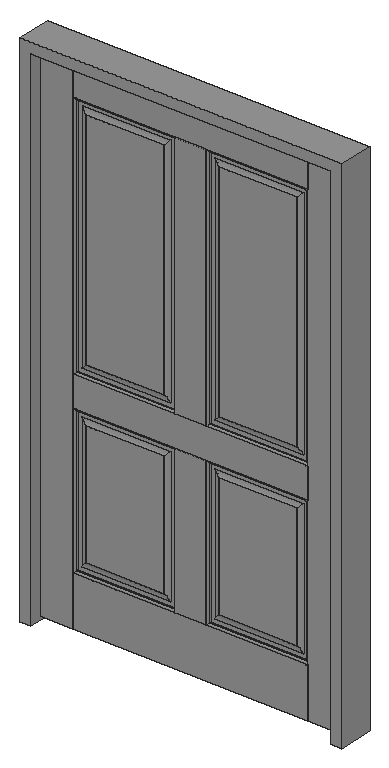
Revit family "V1200MER4PCARVE9", category Doors, host Wall, Revit 2015 (continued)
Automatic sketch dimensions
  Sweep 4 sketch curve to Sweep 4 sketch curve = 0 mm
  Sweep 4 sketch curve to Sweep 4 sketch curve = 22.773 mm
  Sweep 4 sketch curve to profile plane = 12.944 mm
  profile plane to Sweep 4 sketch curve = 31.5 mm
  Sweep 4 sketch curve to Sweep 4 sketch curve = 20 mm
  Sweep 4 sketch curve to Sweep 4 sketch curve = 6 mm
  plane 2 "Center (Left/Right)" to Sweep 5 sketch curve = 61 mm
  plane 4 "Right" to Sweep 5 sketch curve = 173 mm
  level to Sweep 5 sketch curve = 217 mm
  Sweep 5 sketch curve to Sweep 5 sketch curve = 588 mm
  profile plane to Sweep 5 sketch curve = 4.5 mm
  Sweep 5 sketch curve to profile plane = 24.613 mm  (x2)
  Sweep 5 sketch curve to profile plane = 25.727 mm
  Sweep 5 sketch curve to Sweep 5 sketch curve = 0 mm
  Sweep 5 sketch curve to Sweep 5 sketch curve = 22.773 mm
  Sweep 5 sketch curve to profile plane = 12.944 mm
  profile plane to Sweep 5 sketch curve = 31.5 mm
  Sweep 5 sketch curve to Sweep 5 sketch curve = 20 mm
  Sweep 5 sketch curve to Sweep 5 sketch curve = 6 mm
  plane 2 "Center (Left/Right)" to Extrusion 6 sketch curve = 109.5 mm
  plane 4 "Right" to Extrusion 6 sketch curve = 221.5 mm
  level to Extrusion 6 sketch curve = 265.5 mm
  Extrusion 6 sketch curve to Extrusion 6 sketch curve = 491 mm
  plane 2 "Center (Left/Right)" to Extrusion 7 sketch curve = 109.5 mm
  plane 4 "Right" to Extrusion 7 sketch curve = 221.5 mm
  level to Extrusion 7 sketch curve = 975.5 mm
  plane 5 to Extrusion 7 sketch curve = 221.5 mm
  Sweep 8 sketch curve to plane 3 "Left" = 173 mm
  Sweep 8 sketch curve to plane 2 "Center (Left/Right)" = 61 mm
  level to Sweep 8 sketch curve = 927 mm
  plane 5 to Sweep 8 sketch curve = 173 mm
  profile plane to Sweep 8 sketch curve = 4.5 mm
  Sweep 8 sketch curve to profile plane = 24.613 mm  (x2)
  Sweep 8 sketch curve to profile plane = 25.727 mm
  Sweep 8 sketch curve to Sweep 8 sketch curve = 0 mm
  Sweep 8 sketch curve to Sweep 8 sketch curve = 22.773 mm
  Sweep 8 sketch curve to profile plane = 12.944 mm
  profile plane to Sweep 8 sketch curve = 31.5 mm
  Sweep 8 sketch curve to Sweep 8 sketch curve = 20 mm
  Sweep 8 sketch curve to Sweep 8 sketch curve = 6 mm
  Sweep 9 sketch curve to plane 3 "Left" = 173 mm
  Sweep 9 sketch curve to plane 2 "Center (Left/Right)" = 61 mm
  level to Sweep 9 sketch curve = 217 mm
  Sweep 9 sketch curve to Sweep 9 sketch curve = 588 mm
  profile plane to Sweep 9 sketch curve = 4.5 mm
  Sweep 9 sketch curve to profile plane = 24.613 mm  (x2)
  Sweep 9 sketch curve to profile plane = 25.727 mm
  Sweep 9 sketch curve to Sweep 9 sketch curve = 0 mm
  Sweep 9 sketch curve to Sweep 9 sketch curve = 22.773 mm
  Sweep 9 sketch curve to profile plane = 12.944 mm
  profile plane to Sweep 9 sketch curve = 31.5 mm
  Sweep 9 sketch curve to Sweep 9 sketch curve = 20 mm
  Sweep 9 sketch curve to Sweep 9 sketch curve = 6 mm
  Extrusion 10 sketch curve to plane 3 "Left" = 221.5 mm
  Extrusion 10 sketch curve to plane 2 "Center (Left/Right)" = 109.5 mm
  level to Extrusion 10 sketch curve = 265.5 mm
  Extrusion 10 sketch curve to Extrusion 10 sketch curve = 491 mm
  Extrusion 11 sketch curve to plane 3 "Left" = 221.5 mm
  Extrusion 11 sketch curve to plane 2 "Center (Left/Right)" = 109.5 mm
  level to Extrusion 11 sketch curve = 975.5 mm
  plane 5 to Extrusion 11 sketch curve = 221.5 mm
  Extrusion 12 sketch curve to host wall = 10 mm  (x2)
  Extrusion 12 sketch curve to plane 2 "Center (Left/Right)" = 70 mm
  host wall to Extrusion 12 sketch curve = 14.5 mm
  Extrusion 12 sketch curve to Extrusion 12 sketch curve = 0 mm
  Extrusion 12 sketch curve to Extrusion 12 sketch curve = 2 mm  (x6)
  Extrusion 12 sketch curve to Extrusion 12 sketch curve = 6.527 mm  (x4)
  Extrusion 12 sketch curve to Extrusion 12 sketch curve = 0.473 mm  (x4)
  Extrusion 12 sketch curve to Extrusion 12 sketch curve = 6.473 mm
  plane 2 "Center (Left/Right)" to Extrusion 12 sketch curve = 55 mm
  Extrusion 12 sketch curve to Extrusion 12 sketch curve = 6 mm  (x4)
  host wall to Extrusion 12 sketch curve = 20.5 mm
  Extrusion 12 sketch curve to Extrusion 12 sketch curve = 4.5 mm  (x4)
  Extrusion 12 sketch curve to Extrusion 12 sketch curve = 3.968 mm  (x2)
  Extrusion 13 sketch curve to host wall = 10 mm  (x2)
  Extrusion 13 sketch curve to plane 2 "Center (Left/Right)" = 70 mm
  host wall to Extrusion 13 sketch curve = 14.5 mm
  Extrusion 13 sketch curve to Extrusion 13 sketch curve = 0 mm
  Extrusion 13 sketch curve to Extrusion 13 sketch curve = 2 mm  (x6)
  Extrusion 13 sketch curve to Extrusion 13 sketch curve = 6.527 mm  (x4)
  Extrusion 13 sketch curve to Extrusion 13 sketch curve = 0.473 mm  (x4)
  Extrusion 13 sketch curve to Extrusion 13 sketch curve = 6.473 mm
  plane 2 "Center (Left/Right)" to Extrusion 13 sketch curve = 55 mm
  Extrusion 13 sketch curve to Extrusion 13 sketch curve = 6 mm  (x4)
  host wall to Extrusion 13 sketch curve = 20.5 mm
  Extrusion 13 sketch curve to Extrusion 13 sketch curve = 4.5 mm  (x4)
  Extrusion 13 sketch curve to Extrusion 13 sketch curve = 3.968 mm  (x2)
  plane 2 "Center (Left/Right)" to Sweep 14 sketch curve = 139.5 mm
  Sweep 14 sketch curve to Sweep 14 sketch curve = 251 mm
  level to Sweep 14 sketch curve = 1005.5 mm
  plane 5 to Sweep 14 sketch curve = 251.5 mm
  Sweep 14 sketch curve to profile plane = 0 mm
  profile plane to Sweep 14 sketch curve = 4 mm
  Sweep 14 sketch curve to profile plane = 4 mm
  plane 6 "Exterior" to Sweep 14 sketch curve = 59 mm
  Sweep 14 sketch curve to Sweep 14 sketch curve = 3.5 mm
  plane 2 "Center (Left/Right)" to Sweep 15 sketch curve = 302.508 mm
  Sweep 15 sketch curve to Sweep 15 sketch curve = 47.402 mm
  plane 5 to Sweep 15 sketch curve = 1043.91 mm
  Sweep 15 sketch curve to Sweep 15 sketch curve = 47.403 mm
  profile plane to Sweep 15 sketch curve = 4 mm
  profile plane to Sweep 15 sketch curve = 0 mm
  Sweep 15 sketch curve to profile plane = 4 mm
  plane 6 "Exterior" to Sweep 15 sketch curve = 59 mm
  Sweep 15 sketch curve to Sweep 15 sketch curve = 3.5 mm
  plane 4 "Right" to Sweep 16 sketch curve = 282.09 mm
  Sweep 16 sketch curve to Sweep 16 sketch curve = 15.295 mm  (x6)
  level to Sweep 16 sketch curve = 1027.866 mm
  Sweep 16 sketch curve to Sweep 16 sketch curve = 53.26 mm
  Sweep 16 sketch curve to Sweep 16 sketch curve = 0 mm
  Sweep 16 sketch curve to profile plane = 4 mm
  plane 6 "Exterior" to Sweep 16 sketch curve = 59 mm
  Sweep 16 sketch curve to profile plane = 0 mm
  Sweep 16 sketch curve to Sweep 16 sketch curve = 3.5 mm
  profile plane to Sweep 16 sketch curve = 4 mm
  plane 2 "Center (Left/Right)" to Sweep 17 sketch curve = 284.284 mm
  Sweep 17 sketch curve to Sweep 17 sketch curve = 15.295 mm  (x6)
  Sweep 17 sketch curve to Sweep 17 sketch curve = 53.26 mm
  Sweep 17 sketch curve to Sweep 17 sketch curve = 0 mm
  plane 5 to Sweep 17 sketch curve = 986.508 mm
  profile plane to Sweep 17 sketch curve = 4 mm
  Sweep 17 sketch curve to profile plane = 0 mm
  Sweep 17 sketch curve to profile plane = 4 mm
  plane 6 "Exterior" to Sweep 17 sketch curve = 59 mm
  Sweep 17 sketch curve to Sweep 17 sketch curve = 3.5 mm
  Sweep 18 sketch curve to plane 2 "Center (Left/Right)" = 284.284 mm
  Sweep 18 sketch curve to Sweep 18 sketch curve = 15.295 mm  (x6)
  Sweep 18 sketch curve to Sweep 18 sketch curve = 53.26 mm
  Sweep 18 sketch curve to Sweep 18 sketch curve = 0 mm
  Sweep 18 sketch curve to level = 1036.09 mm
  profile plane to Sweep 18 sketch curve = 4 mm
  profile plane to Sweep 18 sketch curve = 0 mm
  Sweep 18 sketch curve to profile plane = 4 mm
  plane 6 "Exterior" to Sweep 18 sketch curve = 59 mm
  Sweep 18 sketch curve to Sweep 18 sketch curve = 3.5 mm
  Sweep 19 sketch curve to plane 2 "Center (Left/Right)" = 292.508 mm
  Sweep 19 sketch curve to Sweep 19 sketch curve = 15.295 mm  (x6)
  Sweep 19 sketch curve to level = 1027.866 mm
  Sweep 19 sketch curve to Sweep 19 sketch curve = 53.26 mm
  Sweep 19 sketch curve to Sweep 19 sketch curve = 0 mm
  profile plane to Sweep 19 sketch curve = 4 mm
  plane 6 "Exterior" to Sweep 19 sketch curve = 59 mm
  profile plane to Sweep 19 sketch curve = 0 mm
  Sweep 19 sketch curve to Sweep 19 sketch curve = 3.5 mm
  Sweep 19 sketch curve to profile plane = 4 mm
  Sweep 20 sketch curve to plane 2 "Center (Left/Right)" = 251.918 mm
  Sweep 20 sketch curve to Sweep 20 sketch curve = 47.402 mm
  Sweep 20 sketch curve to plane 5 = 1043.91 mm
  Sweep 20 sketch curve to Sweep 20 sketch curve = 47.403 mm
  profile plane to Sweep 20 sketch curve = 4 mm
  Sweep 20 sketch curve to profile plane = 0 mm
  Sweep 20 sketch curve to profile plane = 4 mm
  plane 6 "Exterior" to Sweep 20 sketch curve = 59 mm
  Sweep 20 sketch curve to Sweep 20 sketch curve = 3.5 mm
  plane 2 "Center (Left/Right)" to Sweep 21 sketch curve = 163.925 mm
  Sweep 21 sketch curve to Sweep 21 sketch curve = 15.295 mm  (x6)
  level to Sweep 21 sketch curve = 1027.866 mm
  Sweep 21 sketch curve to Sweep 21 sketch curve = 53.26 mm
  Sweep 21 sketch curve to Sweep 21 sketch curve = 0 mm
  Sweep 21 sketch curve to profile plane = 4 mm
  plane 6 "Exterior" to Sweep 21 sketch curve = 59 mm
  Sweep 21 sketch curve to profile plane = 0 mm
  Sweep 21 sketch curve to Sweep 21 sketch curve = 3.5 mm
  profile plane to Sweep 21 sketch curve = 4 mm
  plane 2 "Center (Left/Right)" to Sweep 22 sketch curve = 139.5 mm
  Sweep 22 sketch curve to Sweep 22 sketch curve = 14.425 mm
  plane 5 to Sweep 22 sketch curve = 1043.91 mm
  Sweep 22 sketch curve to Sweep 22 sketch curve = 47.403 mm
  profile plane to Sweep 22 sketch curve = 4 mm
  profile plane to Sweep 22 sketch curve = 0 mm
  Sweep 22 sketch curve to profile plane = 4 mm
  plane 6 "Exterior" to Sweep 22 sketch curve = 59 mm
  Sweep 22 sketch curve to Sweep 22 sketch curve = 3.5 mm
  plane 2 "Center (Left/Right)" to Sweep 23 sketch curve = 270.142 mm
  Sweep 23 sketch curve to Sweep 23 sketch curve = 15.295 mm  (x6)
  Sweep 23 sketch curve to Sweep 23 sketch curve = 53.26 mm
  Sweep 23 sketch curve to Sweep 23 sketch curve = 0 mm
  level to Sweep 23 sketch curve = 1036.09 mm
  profile plane to Sweep 23 sketch curve = 4 mm
  Sweep 23 sketch curve to profile plane = 0 mm
  Sweep 23 sketch curve to profile plane = 4 mm
  plane 6 "Exterior" to Sweep 23 sketch curve = 59 mm
  Sweep 23 sketch curve to Sweep 23 sketch curve = 3.5 mm
  Sweep 24 sketch curve to plane 2 "Center (Left/Right)" = 139.5 mm
  Sweep 24 sketch curve to Sweep 24 sketch curve = 17.354 mm  (x2)
  Sweep 24 sketch curve to Sweep 24 sketch curve = 15.295 mm  (x3)
  Sweep 24 sketch curve to level = 1036.09 mm
  profile plane to Sweep 24 sketch curve = 4 mm
  profile plane to Sweep 24 sketch curve = 0 mm
  Sweep 24 sketch curve to profile plane = 4 mm
  plane 6 "Exterior" to Sweep 24 sketch curve = 59 mm
  Sweep 24 sketch curve to Sweep 24 sketch curve = 3.5 mm
  Sweep 25 sketch curve to plane 2 "Center (Left/Right)" = 302.508 mm
  Sweep 25 sketch curve to Sweep 25 sketch curve = 47.402 mm
  Sweep 25 sketch curve to plane 5 = 898.515 mm
  Sweep 25 sketch curve to Sweep 25 sketch curve = 47.403 mm
  profile plane to Sweep 25 sketch curve = 4 mm
  Sweep 25 sketch curve to profile plane = 0 mm
  Sweep 25 sketch curve to profile plane = 4 mm
  plane 6 "Exterior" to Sweep 25 sketch curve = 59 mm
  Sweep 25 sketch curve to Sweep 25 sketch curve = 3.5 mm
  Sweep 26 sketch curve to plane 2 "Center (Left/Right)" = 204.515 mm
  Sweep 26 sketch curve to Sweep 26 sketch curve = 47.402 mm
  Sweep 26 sketch curve to plane 5 = 898.515 mm
  Sweep 26 sketch curve to Sweep 26 sketch curve = 47.403 mm
  profile plane to Sweep 26 sketch curve = 4 mm
  Sweep 26 sketch curve to profile plane = 0 mm
  Sweep 26 sketch curve to profile plane = 4 mm
  plane 6 "Exterior" to Sweep 26 sketch curve = 59 mm
  Sweep 26 sketch curve to Sweep 26 sketch curve = 3.5 mm
  plane 2 "Center (Left/Right)" to Sweep 27 sketch curve = 139.5 mm
  Sweep 27 sketch curve to Sweep 27 sketch curve = 14.425 mm
  plane 5 to Sweep 27 sketch curve = 945.918 mm
  Sweep 27 sketch curve to Sweep 27 sketch curve = 47.403 mm
  profile plane to Sweep 27 sketch curve = 4 mm
  profile plane to Sweep 27 sketch curve = 0 mm
  Sweep 27 sketch curve to profile plane = 4 mm
  plane 6 "Exterior" to Sweep 27 sketch curve = 59 mm
  Sweep 27 sketch curve to Sweep 27 sketch curve = 3.5 mm
  plane 2 "Center (Left/Right)" to Sweep 28 sketch curve = 139.5 mm
  Sweep 28 sketch curve to Sweep 28 sketch curve = 17.354 mm  (x2)
  Sweep 28 sketch curve to Sweep 28 sketch curve = 15.295 mm  (x3)
  plane 5 to Sweep 28 sketch curve = 986.508 mm
  profile plane to Sweep 28 sketch curve = 4 mm
  Sweep 28 sketch curve to profile plane = 0 mm
  Sweep 28 sketch curve to profile plane = 4 mm
  plane 6 "Exterior" to Sweep 28 sketch curve = 59 mm
  Sweep 28 sketch curve to Sweep 28 sketch curve = 3.5 mm
  Sweep 29 sketch curve to plane 4 "Right" = 282.09 mm
  Sweep 29 sketch curve to Sweep 29 sketch curve = 15.295 mm  (x6)
  Sweep 29 sketch curve to plane 5 = 880.291 mm
  Sweep 29 sketch curve to Sweep 29 sketch curve = 53.26 mm
  Sweep 29 sketch curve to Sweep 29 sketch curve = 0 mm
  profile plane to Sweep 29 sketch curve = 4 mm
  profile plane to Sweep 29 sketch curve = 0 mm
  Sweep 29 sketch curve to profile plane = 4 mm
  plane 6 "Exterior" to Sweep 29 sketch curve = 59 mm
  Sweep 29 sketch curve to Sweep 29 sketch curve = 3.5 mm
  plane 2 "Center (Left/Right)" to Sweep 30 sketch curve = 284.284 mm
  Sweep 30 sketch curve to Sweep 30 sketch curve = 15.295 mm  (x6)
  Sweep 30 sketch curve to Sweep 30 sketch curve = 53.26 mm
  Sweep 30 sketch curve to Sweep 30 sketch curve = 0 mm
  plane 5 to Sweep 30 sketch curve = 888.515 mm
  profile plane to Sweep 30 sketch curve = 4 mm
  Sweep 30 sketch curve to profile plane = 0 mm
  Sweep 30 sketch curve to profile plane = 4 mm
  plane 6 "Exterior" to Sweep 30 sketch curve = 59 mm
  Sweep 30 sketch curve to Sweep 30 sketch curve = 3.5 mm
  plane 2 "Center (Left/Right)" to Sweep 31 sketch curve = 292.508 mm
  Sweep 31 sketch curve to Sweep 31 sketch curve = 15.295 mm  (x6)
  plane 5 to Sweep 31 sketch curve = 880.291 mm
  Sweep 31 sketch curve to Sweep 31 sketch curve = 53.26 mm
  Sweep 31 sketch curve to Sweep 31 sketch curve = 0 mm
  profile plane to Sweep 31 sketch curve = 4 mm
  Sweep 31 sketch curve to profile plane = 0 mm
  Sweep 31 sketch curve to profile plane = 4 mm
  plane 6 "Exterior" to Sweep 31 sketch curve = 59 mm
  Sweep 31 sketch curve to Sweep 31 sketch curve = 3.5 mm
  Sweep 32 sketch curve to plane 2 "Center (Left/Right)" = 163.925 mm
  Sweep 32 sketch curve to Sweep 32 sketch curve = 15.295 mm  (x6)
  Sweep 32 sketch curve to plane 5 = 880.291 mm
  Sweep 32 sketch curve to Sweep 32 sketch curve = 53.26 mm
  Sweep 32 sketch curve to Sweep 32 sketch curve = 0 mm
  profile plane to Sweep 32 sketch curve = 4 mm
  profile plane to Sweep 32 sketch curve = 0 mm
  Sweep 32 sketch curve to profile plane = 4 mm
  plane 6 "Exterior" to Sweep 32 sketch curve = 59 mm
  Sweep 32 sketch curve to Sweep 32 sketch curve = 3.5 mm
  Sweep 33 sketch curve to plane 2 "Center (Left/Right)" = 270.142 mm
  Sweep 33 sketch curve to Sweep 33 sketch curve = 15.295 mm  (x6)
  Sweep 33 sketch curve to Sweep 33 sketch curve = 53.26 mm
  Sweep 33 sketch curve to Sweep 33 sketch curve = 0 mm
  Sweep 33 sketch curve to plane 5 = 888.515 mm
  profile plane to Sweep 33 sketch curve = 4 mm
  profile plane to Sweep 33 sketch curve = 0 mm
  Sweep 33 sketch curve to profile plane = 4 mm
  plane 6 "Exterior" to Sweep 33 sketch curve = 59 mm
  Sweep 33 sketch curve to Sweep 33 sketch curve = 3.5 mm
  plane 2 "Center (Left/Right)" to Sweep 34 sketch curve = 139.5 mm
  Sweep 34 sketch curve to Sweep 34 sketch curve = 17.354 mm  (x2)
  Sweep 34 sketch curve to Sweep 34 sketch curve = 15.295 mm  (x3)
  plane 5 to Sweep 34 sketch curve = 888.515 mm
  profile plane to Sweep 34 sketch curve = 4 mm
  Sweep 34 sketch curve to profile plane = 0 mm
  Sweep 34 sketch curve to profile plane = 4 mm
  plane 6 "Exterior" to Sweep 34 sketch curve = 59 mm
  Sweep 34 sketch curve to Sweep 34 sketch curve = 3.5 mm
  plane 2 "Center (Left/Right)" to Sweep 35 sketch curve = 270.142 mm
  Sweep 35 sketch curve to Sweep 35 sketch curve = 15.295 mm  (x6)
  Sweep 35 sketch curve to Sweep 35 sketch curve = 53.26 mm
  Sweep 35 sketch curve to Sweep 35 sketch curve = 0 mm
  plane 5 to Sweep 35 sketch curve = 955.918 mm
  profile plane to Sweep 35 sketch curve = 4 mm
  Sweep 35 sketch curve to profile plane = 0 mm
  Sweep 35 sketch curve to profile plane = 4 mm
  plane 6 "Exterior" to Sweep 35 sketch curve = 59 mm
  Sweep 35 sketch curve to Sweep 35 sketch curve = 3.5 mm
  plane 2 "Center (Left/Right)" to Sweep 36 sketch curve = 302.508 mm
  Sweep 36 sketch curve to Sweep 36 sketch curve = 47.402 mm
  plane 5 to Sweep 36 sketch curve = 847.925 mm
  Sweep 36 sketch curve to Sweep 36 sketch curve = 47.403 mm
  profile plane to Sweep 36 sketch curve = 4 mm
  profile plane to Sweep 36 sketch curve = 0 mm
  Sweep 36 sketch curve to profile plane = 4 mm
  plane 6 "Exterior" to Sweep 36 sketch curve = 59 mm
  Sweep 36 sketch curve to Sweep 36 sketch curve = 3.5 mm
  plane 4 "Right" to Sweep 37 sketch curve = 282.09 mm
  Sweep 37 sketch curve to Sweep 37 sketch curve = 15.295 mm  (x6)
  plane 5 to Sweep 37 sketch curve = 866.149 mm
  Sweep 37 sketch curve to Sweep 37 sketch curve = 53.26 mm
  Sweep 37 sketch curve to Sweep 37 sketch curve = 0 mm
  Sweep 37 sketch curve to profile plane = 4 mm
  plane 6 "Exterior" to Sweep 37 sketch curve = 59 mm
  Sweep 37 sketch curve to profile plane = 0 mm
  Sweep 37 sketch curve to Sweep 37 sketch curve = 3.5 mm
  profile plane to Sweep 37 sketch curve = 4 mm
  plane 2 "Center (Left/Right)" to Sweep 38 sketch curve = 284.284 mm
  Sweep 38 sketch curve to Sweep 38 sketch curve = 15.295 mm  (x6)
  Sweep 38 sketch curve to Sweep 38 sketch curve = 53.26 mm
  Sweep 38 sketch curve to Sweep 38 sketch curve = 0 mm
  plane 5 to Sweep 38 sketch curve = 790.523 mm
  profile plane to Sweep 38 sketch curve = 4 mm
  Sweep 38 sketch curve to profile plane = 0 mm
  Sweep 38 sketch curve to profile plane = 4 mm
  plane 6 "Exterior" to Sweep 38 sketch curve = 59 mm
  Sweep 38 sketch curve to Sweep 38 sketch curve = 3.5 mm
  Sweep 39 sketch curve to plane 2 "Center (Left/Right)" = 292.508 mm
  Sweep 39 sketch curve to Sweep 39 sketch curve = 15.295 mm  (x6)
  Sweep 39 sketch curve to plane 5 = 866.149 mm
  Sweep 39 sketch curve to Sweep 39 sketch curve = 53.26 mm
  Sweep 39 sketch curve to Sweep 39 sketch curve = 0 mm
  profile plane to Sweep 39 sketch curve = 4 mm
  plane 6 "Exterior" to Sweep 39 sketch curve = 59 mm
  profile plane to Sweep 39 sketch curve = 0 mm
  Sweep 39 sketch curve to Sweep 39 sketch curve = 3.5 mm
  Sweep 39 sketch curve to profile plane = 4 mm
  Sweep 40 sketch curve to plane 2 "Center (Left/Right)" = 251.918 mm
  Sweep 40 sketch curve to Sweep 40 sketch curve = 47.402 mm
  Sweep 40 sketch curve to plane 5 = 847.925 mm
  Sweep 40 sketch curve to Sweep 40 sketch curve = 47.403 mm
  profile plane to Sweep 40 sketch curve = 4 mm
  Sweep 40 sketch curve to profile plane = 0 mm
  Sweep 40 sketch curve to profile plane = 4 mm
  plane 6 "Exterior" to Sweep 40 sketch curve = 59 mm
  Sweep 40 sketch curve to Sweep 40 sketch curve = 3.5 mm
  plane 2 "Center (Left/Right)" to Sweep 41 sketch curve = 163.925 mm
  Sweep 41 sketch curve to Sweep 41 sketch curve = 15.295 mm  (x6)
  plane 5 to Sweep 41 sketch curve = 866.149 mm
  Sweep 41 sketch curve to Sweep 41 sketch curve = 53.26 mm
  Sweep 41 sketch curve to Sweep 41 sketch curve = 0 mm
  Sweep 41 sketch curve to profile plane = 4 mm
  plane 6 "Exterior" to Sweep 41 sketch curve = 59 mm
  Sweep 41 sketch curve to profile plane = 0 mm
  Sweep 41 sketch curve to Sweep 41 sketch curve = 3.5 mm
  profile plane to Sweep 41 sketch curve = 4 mm
  plane 2 "Center (Left/Right)" to Sweep 42 sketch curve = 139.5 mm
  Sweep 42 sketch curve to Sweep 42 sketch curve = 14.425 mm
  plane 5 to Sweep 42 sketch curve = 847.925 mm
  Sweep 42 sketch curve to Sweep 42 sketch curve = 47.403 mm
  profile plane to Sweep 42 sketch curve = 4 mm
  profile plane to Sweep 42 sketch curve = 0 mm
  Sweep 42 sketch curve to profile plane = 4 mm
  plane 6 "Exterior" to Sweep 42 sketch curve = 59 mm
  Sweep 42 sketch curve to Sweep 42 sketch curve = 3.5 mm
  Sweep 43 sketch curve to plane 2 "Center (Left/Right)" = 302.508 mm
  Sweep 43 sketch curve to Sweep 43 sketch curve = 47.402 mm
  Sweep 43 sketch curve to plane 5 = 702.53 mm
  Sweep 43 sketch curve to Sweep 43 sketch curve = 47.403 mm
  profile plane to Sweep 43 sketch curve = 4 mm
  Sweep 43 sketch curve to profile plane = 0 mm
  Sweep 43 sketch curve to profile plane = 4 mm
  plane 6 "Exterior" to Sweep 43 sketch curve = 59 mm
  Sweep 43 sketch curve to Sweep 43 sketch curve = 3.5 mm
  Sweep 44 sketch curve to plane 2 "Center (Left/Right)" = 204.515 mm
  Sweep 44 sketch curve to Sweep 44 sketch curve = 47.402 mm
  Sweep 44 sketch curve to plane 5 = 702.53 mm
  Sweep 44 sketch curve to Sweep 44 sketch curve = 47.403 mm
  profile plane to Sweep 44 sketch curve = 4 mm
  Sweep 44 sketch curve to profile plane = 0 mm
  Sweep 44 sketch curve to profile plane = 4 mm
  plane 6 "Exterior" to Sweep 44 sketch curve = 59 mm
  Sweep 44 sketch curve to Sweep 44 sketch curve = 3.5 mm
  plane 2 "Center (Left/Right)" to Sweep 45 sketch curve = 139.5 mm
  Sweep 45 sketch curve to Sweep 45 sketch curve = 14.425 mm
  plane 5 to Sweep 45 sketch curve = 749.933 mm
  Sweep 45 sketch curve to Sweep 45 sketch curve = 47.403 mm
  profile plane to Sweep 45 sketch curve = 4 mm
  profile plane to Sweep 45 sketch curve = 0 mm
  Sweep 45 sketch curve to profile plane = 4 mm
  plane 6 "Exterior" to Sweep 45 sketch curve = 59 mm
  Sweep 45 sketch curve to Sweep 45 sketch curve = 3.5 mm
  plane 2 "Center (Left/Right)" to Sweep 46 sketch curve = 139.5 mm
  Sweep 46 sketch curve to Sweep 46 sketch curve = 17.354 mm  (x2)
  Sweep 46 sketch curve to Sweep 46 sketch curve = 15.295 mm  (x3)
  plane 5 to Sweep 46 sketch curve = 790.523 mm
  profile plane to Sweep 46 sketch curve = 4 mm
  Sweep 46 sketch curve to profile plane = 0 mm
  Sweep 46 sketch curve to profile plane = 4 mm
  plane 6 "Exterior" to Sweep 46 sketch curve = 59 mm
  Sweep 46 sketch curve to Sweep 46 sketch curve = 3.5 mm
  Sweep 47 sketch curve to plane 4 "Right" = 282.09 mm
  Sweep 47 sketch curve to Sweep 47 sketch curve = 15.295 mm  (x6)
  Sweep 47 sketch curve to plane 5 = 684.307 mm
  Sweep 47 sketch curve to Sweep 47 sketch curve = 53.26 mm
  Sweep 47 sketch curve to Sweep 47 sketch curve = 0 mm
  profile plane to Sweep 47 sketch curve = 4 mm
  profile plane to Sweep 47 sketch curve = 0 mm
  Sweep 47 sketch curve to profile plane = 4 mm
  plane 6 "Exterior" to Sweep 47 sketch curve = 59 mm
  Sweep 47 sketch curve to Sweep 47 sketch curve = 3.5 mm
  plane 2 "Center (Left/Right)" to Sweep 48 sketch curve = 284.284 mm
  Sweep 48 sketch curve to Sweep 48 sketch curve = 15.295 mm  (x6)
  Sweep 48 sketch curve to Sweep 48 sketch curve = 53.26 mm
  Sweep 48 sketch curve to Sweep 48 sketch curve = 0 mm
  plane 5 to Sweep 48 sketch curve = 692.53 mm
  profile plane to Sweep 48 sketch curve = 4 mm
  Sweep 48 sketch curve to profile plane = 0 mm
  Sweep 48 sketch curve to profile plane = 4 mm
  plane 6 "Exterior" to Sweep 48 sketch curve = 59 mm
  Sweep 48 sketch curve to Sweep 48 sketch curve = 3.5 mm
  plane 2 "Center (Left/Right)" to Sweep 49 sketch curve = 292.508 mm
  Sweep 49 sketch curve to Sweep 49 sketch curve = 15.295 mm  (x6)
  plane 5 to Sweep 49 sketch curve = 684.307 mm
  Sweep 49 sketch curve to Sweep 49 sketch curve = 53.26 mm
  Sweep 49 sketch curve to Sweep 49 sketch curve = 0 mm
  profile plane to Sweep 49 sketch curve = 4 mm
  Sweep 49 sketch curve to profile plane = 0 mm
  Sweep 49 sketch curve to profile plane = 4 mm
  plane 6 "Exterior" to Sweep 49 sketch curve = 59 mm
  Sweep 49 sketch curve to Sweep 49 sketch curve = 3.5 mm
  Sweep 50 sketch curve to plane 2 "Center (Left/Right)" = 163.925 mm
  Sweep 50 sketch curve to Sweep 50 sketch curve = 15.295 mm  (x6)
  Sweep 50 sketch curve to plane 5 = 684.307 mm
  Sweep 50 sketch curve to Sweep 50 sketch curve = 53.26 mm
  Sweep 50 sketch curve to Sweep 50 sketch curve = 0 mm
  profile plane to Sweep 50 sketch curve = 4 mm
  profile plane to Sweep 50 sketch curve = 0 mm
  Sweep 50 sketch curve to profile plane = 4 mm
  plane 6 "Exterior" to Sweep 50 sketch curve = 59 mm
  Sweep 50 sketch curve to Sweep 50 sketch curve = 3.5 mm
  Sweep 51 sketch curve to plane 2 "Center (Left/Right)" = 270.142 mm
  Sweep 51 sketch curve to Sweep 51 sketch curve = 15.295 mm  (x6)
  Sweep 51 sketch curve to Sweep 51 sketch curve = 53.26 mm
  Sweep 51 sketch curve to Sweep 51 sketch curve = 0 mm
  Sweep 51 sketch curve to plane 5 = 692.53 mm
  profile plane to Sweep 51 sketch curve = 4 mm
  profile plane to Sweep 51 sketch curve = 0 mm
  Sweep 51 sketch curve to profile plane = 4 mm
  plane 6 "Exterior" to Sweep 51 sketch curve = 59 mm
  Sweep 51 sketch curve to Sweep 51 sketch curve = 3.5 mm
  plane 2 "Center (Left/Right)" to Sweep 52 sketch curve = 139.5 mm
  Sweep 52 sketch curve to Sweep 52 sketch curve = 17.354 mm  (x2)
  Sweep 52 sketch curve to Sweep 52 sketch curve = 15.295 mm  (x3)
  plane 5 to Sweep 52 sketch curve = 692.53 mm
  profile plane to Sweep 52 sketch curve = 4 mm
  Sweep 52 sketch curve to profile plane = 0 mm
  Sweep 52 sketch curve to profile plane = 4 mm
  plane 6 "Exterior" to Sweep 52 sketch curve = 59 mm
  Sweep 52 sketch curve to Sweep 52 sketch curve = 3.5 mm
  plane 2 "Center (Left/Right)" to Sweep 53 sketch curve = 270.142 mm
  Sweep 53 sketch curve to Sweep 53 sketch curve = 15.295 mm  (x6)
  Sweep 53 sketch curve to Sweep 53 sketch curve = 53.26 mm
  Sweep 53 sketch curve to Sweep 53 sketch curve = 0 mm
  plane 5 to Sweep 53 sketch curve = 759.933 mm
  profile plane to Sweep 53 sketch curve = 4 mm
  Sweep 53 sketch curve to profile plane = 0 mm
  Sweep 53 sketch curve to profile plane = 4 mm
  plane 6 "Exterior" to Sweep 53 sketch curve = 59 mm
  Sweep 53 sketch curve to Sweep 53 sketch curve = 3.5 mm
  plane 2 "Center (Left/Right)" to Sweep 54 sketch curve = 302.508 mm
  Sweep 54 sketch curve to Sweep 54 sketch curve = 47.402 mm
  plane 5 to Sweep 54 sketch curve = 651.94 mm
  Sweep 54 sketch curve to Sweep 54 sketch curve = 47.403 mm
  profile plane to Sweep 54 sketch curve = 4 mm
  profile plane to Sweep 54 sketch curve = 0 mm
  Sweep 54 sketch curve to profile plane = 4 mm
  plane 6 "Exterior" to Sweep 54 sketch curve = 59 mm
  Sweep 54 sketch curve to Sweep 54 sketch curve = 3.5 mm
  plane 4 "Right" to Sweep 55 sketch curve = 282.09 mm
  Sweep 55 sketch curve to Sweep 55 sketch curve = 15.295 mm  (x6)
  plane 5 to Sweep 55 sketch curve = 670.164 mm
  Sweep 55 sketch curve to Sweep 55 sketch curve = 53.26 mm
  Sweep 55 sketch curve to Sweep 55 sketch curve = 0 mm
  Sweep 55 sketch curve to profile plane = 4 mm
  plane 6 "Exterior" to Sweep 55 sketch curve = 59 mm
  Sweep 55 sketch curve to profile plane = 0 mm
  Sweep 55 sketch curve to Sweep 55 sketch curve = 3.5 mm
  profile plane to Sweep 55 sketch curve = 4 mm
  plane 2 "Center (Left/Right)" to Sweep 56 sketch curve = 284.284 mm
  Sweep 56 sketch curve to Sweep 56 sketch curve = 15.295 mm  (x6)
  Sweep 56 sketch curve to Sweep 56 sketch curve = 53.26 mm
  Sweep 56 sketch curve to Sweep 56 sketch curve = 0 mm
  plane 5 to Sweep 56 sketch curve = 594.538 mm
  profile plane to Sweep 56 sketch curve = 4 mm
  Sweep 56 sketch curve to profile plane = 0 mm
  Sweep 56 sketch curve to profile plane = 4 mm
  plane 6 "Exterior" to Sweep 56 sketch curve = 59 mm
  Sweep 56 sketch curve to Sweep 56 sketch curve = 3.5 mm
  Sweep 57 sketch curve to plane 2 "Center (Left/Right)" = 292.508 mm
  Sweep 57 sketch curve to Sweep 57 sketch curve = 15.295 mm  (x6)
  Sweep 57 sketch curve to plane 5 = 670.164 mm
  Sweep 57 sketch curve to Sweep 57 sketch curve = 53.26 mm
  Sweep 57 sketch curve to Sweep 57 sketch curve = 0 mm
  profile plane to Sweep 57 sketch curve = 4 mm
  plane 6 "Exterior" to Sweep 57 sketch curve = 59 mm
  profile plane to Sweep 57 sketch curve = 0 mm
  Sweep 57 sketch curve to Sweep 57 sketch curve = 3.5 mm
  Sweep 57 sketch curve to profile plane = 4 mm
  Sweep 58 sketch curve to plane 2 "Center (Left/Right)" = 251.918 mm
  Sweep 58 sketch curve to Sweep 58 sketch curve = 47.402 mm
  Sweep 58 sketch curve to plane 5 = 651.94 mm
  Sweep 58 sketch curve to Sweep 58 sketch curve = 47.403 mm
  profile plane to Sweep 58 sketch curve = 4 mm
  Sweep 58 sketch curve to profile plane = 0 mm
  Sweep 58 sketch curve to profile plane = 4 mm
  plane 6 "Exterior" to Sweep 58 sketch curve = 59 mm
  Sweep 58 sketch curve to Sweep 58 sketch curve = 3.5 mm
  plane 2 "Center (Left/Right)" to Sweep 59 sketch curve = 163.925 mm
  Sweep 59 sketch curve to Sweep 59 sketch curve = 15.295 mm  (x6)
  plane 5 to Sweep 59 sketch curve = 670.164 mm
  Sweep 59 sketch curve to Sweep 59 sketch curve = 53.26 mm
  Sweep 59 sketch curve to Sweep 59 sketch curve = 0 mm
  Sweep 59 sketch curve to profile plane = 4 mm
  plane 6 "Exterior" to Sweep 59 sketch curve = 59 mm
  Sweep 59 sketch curve to profile plane = 0 mm
  Sweep 59 sketch curve to Sweep 59 sketch curve = 3.5 mm
  profile plane to Sweep 59 sketch curve = 4 mm
  plane 2 "Center (Left/Right)" to Sweep 60 sketch curve = 139.5 mm
  Sweep 60 sketch curve to Sweep 60 sketch curve = 14.425 mm
  plane 5 to Sweep 60 sketch curve = 651.94 mm
  Sweep 60 sketch curve to Sweep 60 sketch curve = 47.403 mm
  profile plane to Sweep 60 sketch curve = 4 mm
  profile plane to Sweep 60 sketch curve = 0 mm
  Sweep 60 sketch curve to profile plane = 4 mm
  plane 6 "Exterior" to Sweep 60 sketch curve = 59 mm
  Sweep 60 sketch curve to Sweep 60 sketch curve = 3.5 mm
  Sweep 61 sketch curve to plane 2 "Center (Left/Right)" = 302.508 mm
  Sweep 61 sketch curve to Sweep 61 sketch curve = 47.402 mm
  Sweep 61 sketch curve to plane 5 = 506.546 mm
  Sweep 61 sketch curve to Sweep 61 sketch curve = 47.403 mm
  profile plane to Sweep 61 sketch curve = 4 mm
  Sweep 61 sketch curve to profile plane = 0 mm
  Sweep 61 sketch curve to profile plane = 4 mm
  plane 6 "Exterior" to Sweep 61 sketch curve = 59 mm
  Sweep 61 sketch curve to Sweep 61 sketch curve = 3.5 mm
  Sweep 62 sketch curve to plane 2 "Center (Left/Right)" = 204.515 mm
  Sweep 62 sketch curve to Sweep 62 sketch curve = 47.402 mm
  Sweep 62 sketch curve to plane 5 = 506.546 mm
  Sweep 62 sketch curve to Sweep 62 sketch curve = 47.403 mm
  profile plane to Sweep 62 sketch curve = 4 mm
  Sweep 62 sketch curve to profile plane = 0 mm
  Sweep 62 sketch curve to profile plane = 4 mm
  plane 6 "Exterior" to Sweep 62 sketch curve = 59 mm
  Sweep 62 sketch curve to Sweep 62 sketch curve = 3.5 mm
  plane 2 "Center (Left/Right)" to Sweep 63 sketch curve = 139.5 mm
  Sweep 63 sketch curve to Sweep 63 sketch curve = 14.425 mm
  plane 5 to Sweep 63 sketch curve = 553.948 mm
  Sweep 63 sketch curve to Sweep 63 sketch curve = 47.403 mm
  profile plane to Sweep 63 sketch curve = 4 mm
  profile plane to Sweep 63 sketch curve = 0 mm
  Sweep 63 sketch curve to profile plane = 4 mm
  plane 6 "Exterior" to Sweep 63 sketch curve = 59 mm
  Sweep 63 sketch curve to Sweep 63 sketch curve = 3.5 mm
  plane 2 "Center (Left/Right)" to Sweep 64 sketch curve = 139.5 mm
  Sweep 64 sketch curve to Sweep 64 sketch curve = 17.354 mm  (x2)
  Sweep 64 sketch curve to Sweep 64 sketch curve = 15.295 mm  (x3)
  plane 5 to Sweep 64 sketch curve = 594.538 mm
  profile plane to Sweep 64 sketch curve = 4 mm
  Sweep 64 sketch curve to profile plane = 0 mm
  Sweep 64 sketch curve to profile plane = 4 mm
  plane 6 "Exterior" to Sweep 64 sketch curve = 59 mm
  Sweep 64 sketch curve to Sweep 64 sketch curve = 3.5 mm
  Sweep 65 sketch curve to plane 4 "Right" = 282.09 mm
  Sweep 65 sketch curve to Sweep 65 sketch curve = 15.295 mm  (x6)
  Sweep 65 sketch curve to plane 5 = 488.322 mm
  Sweep 65 sketch curve to Sweep 65 sketch curve = 53.26 mm
  Sweep 65 sketch curve to Sweep 65 sketch curve = 0 mm
  profile plane to Sweep 65 sketch curve = 4 mm
  profile plane to Sweep 65 sketch curve = 0 mm
  Sweep 65 sketch curve to profile plane = 4 mm
  plane 6 "Exterior" to Sweep 65 sketch curve = 59 mm
  Sweep 65 sketch curve to Sweep 65 sketch curve = 3.5 mm
  plane 2 "Center (Left/Right)" to Sweep 66 sketch curve = 284.284 mm
  Sweep 66 sketch curve to Sweep 66 sketch curve = 15.295 mm  (x6)
  Sweep 66 sketch curve to Sweep 66 sketch curve = 53.26 mm
  Sweep 66 sketch curve to Sweep 66 sketch curve = 0 mm
  plane 5 to Sweep 66 sketch curve = 496.545 mm
  profile plane to Sweep 66 sketch curve = 4 mm
  Sweep 66 sketch curve to profile plane = 0 mm
  Sweep 66 sketch curve to profile plane = 4 mm
  plane 6 "Exterior" to Sweep 66 sketch curve = 59 mm
  Sweep 66 sketch curve to Sweep 66 sketch curve = 3.5 mm
  plane 2 "Center (Left/Right)" to Sweep 67 sketch curve = 292.508 mm
  Sweep 67 sketch curve to Sweep 67 sketch curve = 15.295 mm  (x6)
  plane 5 to Sweep 67 sketch curve = 488.322 mm
  Sweep 67 sketch curve to Sweep 67 sketch curve = 53.26 mm
  Sweep 67 sketch curve to Sweep 67 sketch curve = 0 mm
  profile plane to Sweep 67 sketch curve = 4 mm
  Sweep 67 sketch curve to profile plane = 0 mm
  Sweep 67 sketch curve to profile plane = 4 mm
  plane 6 "Exterior" to Sweep 67 sketch curve = 59 mm
  Sweep 67 sketch curve to Sweep 67 sketch curve = 3.5 mm
  Sweep 68 sketch curve to plane 2 "Center (Left/Right)" = 163.925 mm
  Sweep 68 sketch curve to Sweep 68 sketch curve = 15.295 mm  (x6)
  Sweep 68 sketch curve to plane 5 = 488.322 mm
  Sweep 68 sketch curve to Sweep 68 sketch curve = 53.26 mm
  Sweep 68 sketch curve to Sweep 68 sketch curve = 0 mm
  profile plane to Sweep 68 sketch curve = 4 mm
  profile plane to Sweep 68 sketch curve = 0 mm
  Sweep 68 sketch curve to profile plane = 4 mm
  plane 6 "Exterior" to Sweep 68 sketch curve = 59 mm
  Sweep 68 sketch curve to Sweep 68 sketch curve = 3.5 mm
  Sweep 69 sketch curve to plane 2 "Center (Left/Right)" = 270.142 mm
  Sweep 69 sketch curve to Sweep 69 sketch curve = 15.295 mm  (x6)
  Sweep 69 sketch curve to Sweep 69 sketch curve = 53.26 mm
  Sweep 69 sketch curve to Sweep 69 sketch curve = 0 mm
  Sweep 69 sketch curve to plane 5 = 496.545 mm
  profile plane to Sweep 69 sketch curve = 4 mm
  profile plane to Sweep 69 sketch curve = 0 mm
  Sweep 69 sketch curve to profile plane = 4 mm
  plane 6 "Exterior" to Sweep 69 sketch curve = 59 mm
  Sweep 69 sketch curve to Sweep 69 sketch curve = 3.5 mm
  plane 2 "Center (Left/Right)" to Sweep 70 sketch curve = 139.5 mm
  Sweep 70 sketch curve to Sweep 70 sketch curve = 17.354 mm  (x2)
  Sweep 70 sketch curve to Sweep 70 sketch curve = 15.295 mm  (x3)
  plane 5 to Sweep 70 sketch curve = 496.545 mm
  profile plane to Sweep 70 sketch curve = 4 mm
  Sweep 70 sketch curve to profile plane = 0 mm
  Sweep 70 sketch curve to profile plane = 4 mm
  plane 6 "Exterior" to Sweep 70 sketch curve = 59 mm
  Sweep 70 sketch curve to Sweep 70 sketch curve = 3.5 mm
  plane 2 "Center (Left/Right)" to Sweep 71 sketch curve = 270.142 mm
  Sweep 71 sketch curve to Sweep 71 sketch curve = 15.295 mm  (x6)
  Sweep 71 sketch curve to Sweep 71 sketch curve = 53.26 mm
  Sweep 71 sketch curve to Sweep 71 sketch curve = 0 mm
  plane 5 to Sweep 71 sketch curve = 563.948 mm
  profile plane to Sweep 71 sketch curve = 4 mm
  Sweep 71 sketch curve to profile plane = 0 mm
  Sweep 71 sketch curve to profile plane = 4 mm
  plane 6 "Exterior" to Sweep 71 sketch curve = 59 mm
  Sweep 71 sketch curve to Sweep 71 sketch curve = 3.5 mm
  plane 2 "Center (Left/Right)" to Sweep 72 sketch curve = 302.508 mm
  Sweep 72 sketch curve to Sweep 72 sketch curve = 47.402 mm
  plane 5 to Sweep 72 sketch curve = 455.956 mm
  Sweep 72 sketch curve to Sweep 72 sketch curve = 47.403 mm
  profile plane to Sweep 72 sketch curve = 4 mm
  profile plane to Sweep 72 sketch curve = 0 mm
  Sweep 72 sketch curve to profile plane = 4 mm
  plane 6 "Exterior" to Sweep 72 sketch curve = 59 mm
  Sweep 72 sketch curve to Sweep 72 sketch curve = 3.5 mm
  plane 4 "Right" to Sweep 73 sketch curve = 282.09 mm
  Sweep 73 sketch curve to Sweep 73 sketch curve = 15.295 mm  (x6)
  plane 5 to Sweep 73 sketch curve = 474.179 mm
  Sweep 73 sketch curve to Sweep 73 sketch curve = 53.26 mm
  Sweep 73 sketch curve to Sweep 73 sketch curve = 0 mm
  Sweep 73 sketch curve to profile plane = 4 mm
  plane 6 "Exterior" to Sweep 73 sketch curve = 59 mm
  Sweep 73 sketch curve to profile plane = 0 mm
  Sweep 73 sketch curve to Sweep 73 sketch curve = 3.5 mm
  profile plane to Sweep 73 sketch curve = 4 mm
  plane 2 "Center (Left/Right)" to Sweep 74 sketch curve = 284.284 mm
  Sweep 74 sketch curve to Sweep 74 sketch curve = 15.295 mm  (x6)
  Sweep 74 sketch curve to Sweep 74 sketch curve = 53.26 mm
  Sweep 74 sketch curve to Sweep 74 sketch curve = 0 mm
  plane 5 to Sweep 74 sketch curve = 398.553 mm
  profile plane to Sweep 74 sketch curve = 4 mm
  Sweep 74 sketch curve to profile plane = 0 mm
  Sweep 74 sketch curve to profile plane = 4 mm
  plane 6 "Exterior" to Sweep 74 sketch curve = 59 mm
  Sweep 74 sketch curve to Sweep 74 sketch curve = 3.5 mm
  Sweep 75 sketch curve to plane 2 "Center (Left/Right)" = 292.508 mm
  Sweep 75 sketch curve to Sweep 75 sketch curve = 15.295 mm  (x6)
  Sweep 75 sketch curve to plane 5 = 474.179 mm
  Sweep 75 sketch curve to Sweep 75 sketch curve = 53.26 mm
  Sweep 75 sketch curve to Sweep 75 sketch curve = 0 mm
  profile plane to Sweep 75 sketch curve = 4 mm
  plane 6 "Exterior" to Sweep 75 sketch curve = 59 mm
  profile plane to Sweep 75 sketch curve = 0 mm
  Sweep 75 sketch curve to Sweep 75 sketch curve = 3.5 mm
  Sweep 75 sketch curve to profile plane = 4 mm
  Sweep 76 sketch curve to plane 2 "Center (Left/Right)" = 251.918 mm
  Sweep 76 sketch curve to Sweep 76 sketch curve = 47.402 mm
  Sweep 76 sketch curve to plane 5 = 455.956 mm
  Sweep 76 sketch curve to Sweep 76 sketch curve = 47.403 mm
  profile plane to Sweep 76 sketch curve = 4 mm
  Sweep 76 sketch curve to profile plane = 0 mm
  Sweep 76 sketch curve to profile plane = 4 mm
  plane 6 "Exterior" to Sweep 76 sketch curve = 59 mm
  Sweep 76 sketch curve to Sweep 76 sketch curve = 3.5 mm
  plane 2 "Center (Left/Right)" to Sweep 77 sketch curve = 163.925 mm
  Sweep 77 sketch curve to Sweep 77 sketch curve = 15.295 mm  (x6)
  plane 5 to Sweep 77 sketch curve = 474.179 mm
  Sweep 77 sketch curve to Sweep 77 sketch curve = 53.26 mm
  Sweep 77 sketch curve to Sweep 77 sketch curve = 0 mm
  Sweep 77 sketch curve to profile plane = 4 mm
  plane 6 "Exterior" to Sweep 77 sketch curve = 59 mm
  Sweep 77 sketch curve to profile plane = 0 mm
  Sweep 77 sketch curve to Sweep 77 sketch curve = 3.5 mm
  profile plane to Sweep 77 sketch curve = 4 mm
  plane 2 "Center (Left/Right)" to Sweep 78 sketch curve = 139.5 mm
  Sweep 78 sketch curve to Sweep 78 sketch curve = 14.425 mm
  plane 5 to Sweep 78 sketch curve = 455.956 mm
  Sweep 78 sketch curve to Sweep 78 sketch curve = 47.403 mm
  profile plane to Sweep 78 sketch curve = 4 mm
  profile plane to Sweep 78 sketch curve = 0 mm
  Sweep 78 sketch curve to profile plane = 4 mm
  plane 6 "Exterior" to Sweep 78 sketch curve = 59 mm
  Sweep 78 sketch curve to Sweep 78 sketch curve = 3.5 mm
  Sweep 79 sketch curve to plane 2 "Center (Left/Right)" = 302.508 mm
  Sweep 79 sketch curve to Sweep 79 sketch curve = 47.402 mm
  Sweep 79 sketch curve to plane 5 = 310.561 mm
  Sweep 79 sketch curve to Sweep 79 sketch curve = 47.403 mm
  profile plane to Sweep 79 sketch curve = 4 mm
  Sweep 79 sketch curve to profile plane = 0 mm
  Sweep 79 sketch curve to profile plane = 4 mm
  plane 6 "Exterior" to Sweep 79 sketch curve = 59 mm
  Sweep 79 sketch curve to Sweep 79 sketch curve = 3.5 mm
  Sweep 80 sketch curve to plane 2 "Center (Left/Right)" = 204.515 mm
  Sweep 80 sketch curve to Sweep 80 sketch curve = 47.402 mm
  Sweep 80 sketch curve to plane 5 = 310.561 mm
  Sweep 80 sketch curve to Sweep 80 sketch curve = 47.403 mm
  profile plane to Sweep 80 sketch curve = 4 mm
  Sweep 80 sketch curve to profile plane = 0 mm
  Sweep 80 sketch curve to profile plane = 4 mm
  plane 6 "Exterior" to Sweep 80 sketch curve = 59 mm
  Sweep 80 sketch curve to Sweep 80 sketch curve = 3.5 mm
  plane 2 "Center (Left/Right)" to Sweep 81 sketch curve = 139.5 mm
  Sweep 81 sketch curve to Sweep 81 sketch curve = 14.425 mm
  plane 5 to Sweep 81 sketch curve = 357.963 mm
  Sweep 81 sketch curve to Sweep 81 sketch curve = 47.403 mm
  profile plane to Sweep 81 sketch curve = 4 mm
  profile plane to Sweep 81 sketch curve = 0 mm
  Sweep 81 sketch curve to profile plane = 4 mm
  plane 6 "Exterior" to Sweep 81 sketch curve = 59 mm
  Sweep 81 sketch curve to Sweep 81 sketch curve = 3.5 mm
  plane 2 "Center (Left/Right)" to Sweep 82 sketch curve = 139.5 mm
  Sweep 82 sketch curve to Sweep 82 sketch curve = 17.354 mm  (x2)
  Sweep 82 sketch curve to Sweep 82 sketch curve = 15.295 mm  (x3)
  plane 5 to Sweep 82 sketch curve = 398.553 mm
  profile plane to Sweep 82 sketch curve = 4 mm
  Sweep 82 sketch curve to profile plane = 0 mm
  Sweep 82 sketch curve to profile plane = 4 mm
  plane 6 "Exterior" to Sweep 82 sketch curve = 59 mm
  Sweep 82 sketch curve to Sweep 82 sketch curve = 3.5 mm
  Sweep 83 sketch curve to plane 4 "Right" = 282.09 mm
  Sweep 83 sketch curve to Sweep 83 sketch curve = 15.295 mm  (x6)
  Sweep 83 sketch curve to plane 5 = 292.337 mm
  Sweep 83 sketch curve to Sweep 83 sketch curve = 53.26 mm
  Sweep 83 sketch curve to Sweep 83 sketch curve = 0 mm
  profile plane to Sweep 83 sketch curve = 4 mm
  profile plane to Sweep 83 sketch curve = 0 mm
  Sweep 83 sketch curve to profile plane = 4 mm
  plane 6 "Exterior" to Sweep 83 sketch curve = 59 mm
  Sweep 83 sketch curve to Sweep 83 sketch curve = 3.5 mm
  plane 2 "Center (Left/Right)" to Sweep 84 sketch curve = 284.284 mm
  Sweep 84 sketch curve to Sweep 84 sketch curve = 15.295 mm  (x6)
  Sweep 84 sketch curve to Sweep 84 sketch curve = 53.26 mm
  Sweep 84 sketch curve to Sweep 84 sketch curve = 0 mm
  plane 5 to Sweep 84 sketch curve = 300.561 mm
  profile plane to Sweep 84 sketch curve = 4 mm
  Sweep 84 sketch curve to profile plane = 0 mm
  Sweep 84 sketch curve to profile plane = 4 mm
  plane 6 "Exterior" to Sweep 84 sketch curve = 59 mm
  Sweep 84 sketch curve to Sweep 84 sketch curve = 3.5 mm
  plane 2 "Center (Left/Right)" to Sweep 85 sketch curve = 292.508 mm
  Sweep 85 sketch curve to Sweep 85 sketch curve = 15.295 mm  (x6)
  plane 5 to Sweep 85 sketch curve = 292.337 mm
  Sweep 85 sketch curve to Sweep 85 sketch curve = 53.26 mm
  Sweep 85 sketch curve to Sweep 85 sketch curve = 0 mm
  profile plane to Sweep 85 sketch curve = 4 mm
  Sweep 85 sketch curve to profile plane = 0 mm
  Sweep 85 sketch curve to profile plane = 4 mm
  plane 6 "Exterior" to Sweep 85 sketch curve = 59 mm
  Sweep 85 sketch curve to Sweep 85 sketch curve = 3.5 mm
  Sweep 86 sketch curve to plane 2 "Center (Left/Right)" = 163.925 mm
  Sweep 86 sketch curve to Sweep 86 sketch curve = 15.295 mm  (x6)
  Sweep 86 sketch curve to plane 5 = 292.337 mm
  Sweep 86 sketch curve to Sweep 86 sketch curve = 53.26 mm
  Sweep 86 sketch curve to Sweep 86 sketch curve = 0 mm
  profile plane to Sweep 86 sketch curve = 4 mm
  profile plane to Sweep 86 sketch curve = 0 mm
  Sweep 86 sketch curve to profile plane = 4 mm
  plane 6 "Exterior" to Sweep 86 sketch curve = 59 mm
  Sweep 86 sketch curve to Sweep 86 sketch curve = 3.5 mm
  Sweep 87 sketch curve to plane 2 "Center (Left/Right)" = 270.142 mm
  Sweep 87 sketch curve to Sweep 87 sketch curve = 15.295 mm  (x6)
  Sweep 87 sketch curve to Sweep 87 sketch curve = 53.26 mm
  Sweep 87 sketch curve to Sweep 87 sketch curve = 0 mm
  Sweep 87 sketch curve to plane 5 = 300.561 mm
  profile plane to Sweep 87 sketch curve = 4 mm
  profile plane to Sweep 87 sketch curve = 0 mm
  Sweep 87 sketch curve to profile plane = 4 mm
  plane 6 "Exterior" to Sweep 87 sketch curve = 59 mm
  Sweep 87 sketch curve to Sweep 87 sketch curve = 3.5 mm
  plane 2 "Center (Left/Right)" to Sweep 88 sketch curve = 139.5 mm
  Sweep 88 sketch curve to Sweep 88 sketch curve = 17.354 mm  (x2)
  Sweep 88 sketch curve to Sweep 88 sketch curve = 15.295 mm  (x3)
  plane 5 to Sweep 88 sketch curve = 300.561 mm
  profile plane to Sweep 88 sketch curve = 4 mm
  Sweep 88 sketch curve to profile plane = 0 mm
  Sweep 88 sketch curve to profile plane = 4 mm
  plane 6 "Exterior" to Sweep 88 sketch curve = 59 mm
  Sweep 88 sketch curve to Sweep 88 sketch curve = 3.5 mm
  plane 2 "Center (Left/Right)" to Sweep 89 sketch curve = 270.142 mm
  Sweep 89 sketch curve to Sweep 89 sketch curve = 15.295 mm  (x6)
  Sweep 89 sketch curve to Sweep 89 sketch curve = 53.26 mm
  Sweep 89 sketch curve to Sweep 89 sketch curve = 0 mm
  plane 5 to Sweep 89 sketch curve = 367.963 mm
  profile plane to Sweep 89 sketch curve = 4 mm
  Sweep 89 sketch curve to profile plane = 0 mm
  Sweep 89 sketch curve to profile plane = 4 mm
  plane 6 "Exterior" to Sweep 89 sketch curve = 59 mm
  Sweep 89 sketch curve to Sweep 89 sketch curve = 3.5 mm
  plane 4 "Right" to Sweep 90 sketch curve = 282.09 mm
  Sweep 90 sketch curve to Sweep 90 sketch curve = 15.295 mm  (x4)
  plane 5 to Sweep 90 sketch curve = 278.195 mm
  Sweep 90 sketch curve to Sweep 90 sketch curve = 11.4 mm
  Sweep 90 sketch curve to profile plane = 4 mm
  plane 6 "Exterior" to Sweep 90 sketch curve = 59 mm
  Sweep 90 sketch curve to profile plane = 0 mm
  Sweep 90 sketch curve to Sweep 90 sketch curve = 3.5 mm
  profile plane to Sweep 90 sketch curve = 4 mm
  plane 2 "Center (Left/Right)" to Sweep 91 sketch curve = 261.918 mm
  Sweep 91 sketch curve to Sweep 91 sketch curve = 15.295 mm  (x4)
  plane 5 to Sweep 91 sketch curve = 278.195 mm
  Sweep 91 sketch curve to Sweep 91 sketch curve = 11.4 mm
  Sweep 91 sketch curve to profile plane = 4 mm
  plane 6 "Exterior" to Sweep 91 sketch curve = 59 mm
  Sweep 91 sketch curve to profile plane = 0 mm
  Sweep 91 sketch curve to Sweep 91 sketch curve = 3.5 mm
  profile plane to Sweep 91 sketch curve = 4 mm
  plane 2 "Center (Left/Right)" to Sweep 92 sketch curve = 163.925 mm
  Sweep 92 sketch curve to Sweep 92 sketch curve = 15.295 mm  (x4)
  plane 5 to Sweep 92 sketch curve = 278.195 mm
  Sweep 92 sketch curve to Sweep 92 sketch curve = 11.4 mm
  Sweep 92 sketch curve to profile plane = 4 mm
  plane 6 "Exterior" to Sweep 92 sketch curve = 59 mm
  Sweep 92 sketch curve to profile plane = 0 mm
  Sweep 92 sketch curve to Sweep 92 sketch curve = 3.5 mm
  profile plane to Sweep 92 sketch curve = 4 mm
  Sweep 93 sketch curve to plane 3 "Left" = 251.5 mm
  Sweep 93 sketch curve to plane 2 "Center (Left/Right)" = 139.5 mm
  level to Sweep 93 sketch curve = 1005.5 mm
  plane 5 to Sweep 93 sketch curve = 251.5 mm
  Sweep 93 sketch curve to profile plane = 0 mm
  profile plane to Sweep 93 sketch curve = 4 mm
  Sweep 93 sketch curve to profile plane = 4 mm
  plane 6 "Exterior" to Sweep 93 sketch curve = 59 mm
  Sweep 93 sketch curve to Sweep 93 sketch curve = 3.5 mm
  Sweep 94 sketch curve to plane 3 "Left" = 251.5 mm
  Sweep 94 sketch curve to Sweep 94 sketch curve = 15.295 mm  (x6)
  level to Sweep 94 sketch curve = 1027.866 mm
  Sweep 94 sketch curve to Sweep 94 sketch curve = 53.26 mm
  Sweep 94 sketch curve to Sweep 94 sketch curve = 0 mm
  Sweep 94 sketch curve to profile plane = 0 mm
  profile plane to Sweep 94 sketch curve = 4 mm
  Sweep 94 sketch curve to profile plane = 4 mm
  plane 6 "Exterior" to Sweep 94 sketch curve = 59 mm
  Sweep 94 sketch curve to Sweep 94 sketch curve = 3.5 mm
  Sweep 95 sketch curve to plane 3 "Left" = 289.161 mm  (x2)
  level to Sweep 95 sketch curve = 1005.5 mm
  Sweep 95 sketch curve to plane 2 "Center (Left/Right)" = 284.284 mm
  Sweep 95 sketch curve to Sweep 95 sketch curve = 15.295 mm  (x5)
  Sweep 95 sketch curve to plane 3 "Left" = 273.866 mm
  Sweep 95 sketch curve to profile plane = 0 mm
  profile plane to Sweep 95 sketch curve = 4 mm
  Sweep 95 sketch curve to profile plane = 4 mm
  plane 6 "Exterior" to Sweep 95 sketch curve = 59 mm
  Sweep 95 sketch curve to Sweep 95 sketch curve = 3.5 mm
  Sweep 96 sketch curve to plane 3 "Left" = 292.09 mm
  Sweep 96 sketch curve to Sweep 96 sketch curve = 47.403 mm  (x2)
  plane 5 to Sweep 96 sketch curve = 1043.91 mm
  Sweep 96 sketch curve to profile plane = 0 mm
  profile plane to Sweep 96 sketch curve = 4 mm
  Sweep 96 sketch curve to profile plane = 4 mm
  plane 6 "Exterior" to Sweep 96 sketch curve = 59 mm
  Sweep 96 sketch curve to Sweep 96 sketch curve = 3.5 mm
  plane 3 "Left" to Sweep 97 sketch curve = 289.161 mm  (x2)
  Sweep 97 sketch curve to plane 5 = 955.918 mm
  plane 2 "Center (Left/Right)" to Sweep 97 sketch curve = 284.284 mm
  Sweep 97 sketch curve to Sweep 97 sketch curve = 15.295 mm  (x5)
  plane 3 "Left" to Sweep 97 sketch curve = 273.866 mm
  Sweep 97 sketch curve to profile plane = 0 mm
  profile plane to Sweep 97 sketch curve = 4 mm
  Sweep 97 sketch curve to profile plane = 4 mm
  plane 6 "Exterior" to Sweep 97 sketch curve = 59 mm
  Sweep 97 sketch curve to Sweep 97 sketch curve = 3.5 mm
  plane 2 "Center (Left/Right)" to Sweep 98 sketch curve = 261.918 mm
  Sweep 98 sketch curve to Sweep 98 sketch curve = 15.295 mm  (x6)
  Sweep 98 sketch curve to level = 1027.866 mm
  Sweep 98 sketch curve to Sweep 98 sketch curve = 53.26 mm
  Sweep 98 sketch curve to Sweep 98 sketch curve = 0 mm
  Sweep 98 sketch curve to profile plane = 0 mm
  profile plane to Sweep 98 sketch curve = 4 mm
  Sweep 98 sketch curve to profile plane = 4 mm
  plane 6 "Exterior" to Sweep 98 sketch curve = 59 mm
  Sweep 98 sketch curve to Sweep 98 sketch curve = 3.5 mm
  Sweep 99 sketch curve to plane 2 "Center (Left/Right)" = 254.847 mm  (x2)
  level to Sweep 99 sketch curve = 1005.5 mm
  Sweep 99 sketch curve to plane 2 "Center (Left/Right)" = 186.292 mm
  Sweep 99 sketch curve to Sweep 99 sketch curve = 15.295 mm  (x5)
  Sweep 99 sketch curve to plane 2 "Center (Left/Right)" = 270.142 mm
  Sweep 99 sketch curve to profile plane = 0 mm
  profile plane to Sweep 99 sketch curve = 4 mm
  Sweep 99 sketch curve to profile plane = 4 mm
  plane 6 "Exterior" to Sweep 99 sketch curve = 59 mm
  Sweep 99 sketch curve to Sweep 99 sketch curve = 3.5 mm
  Sweep 100 sketch curve to plane 2 "Center (Left/Right)" = 251.918 mm
  Sweep 100 sketch curve to Sweep 100 sketch curve = 47.403 mm  (x2)
  plane 5 to Sweep 100 sketch curve = 1043.91 mm
  Sweep 100 sketch curve to profile plane = 0 mm
  profile plane to Sweep 100 sketch curve = 4 mm
  Sweep 100 sketch curve to profile plane = 4 mm
  plane 6 "Exterior" to Sweep 100 sketch curve = 59 mm
  Sweep 100 sketch curve to Sweep 100 sketch curve = 3.5 mm
  plane 2 "Center (Left/Right)" to Sweep 101 sketch curve = 254.847 mm  (x2)
  Sweep 101 sketch curve to plane 5 = 955.918 mm
  plane 2 "Center (Left/Right)" to Sweep 101 sketch curve = 186.292 mm
  Sweep 101 sketch curve to Sweep 101 sketch curve = 15.295 mm  (x5)
  plane 2 "Center (Left/Right)" to Sweep 101 sketch curve = 270.142 mm
  Sweep 101 sketch curve to profile plane = 0 mm
  profile plane to Sweep 101 sketch curve = 4 mm
  Sweep 101 sketch curve to profile plane = 4 mm
  plane 6 "Exterior" to Sweep 101 sketch curve = 59 mm
  Sweep 101 sketch curve to Sweep 101 sketch curve = 3.5 mm
  plane 2 "Center (Left/Right)" to Sweep 102 sketch curve = 163.926 mm
  Sweep 102 sketch curve to Sweep 102 sketch curve = 15.295 mm  (x6)
  Sweep 102 sketch curve to level = 1027.866 mm
  Sweep 102 sketch curve to Sweep 102 sketch curve = 53.26 mm
  Sweep 102 sketch curve to Sweep 102 sketch curve = 0 mm
  Sweep 102 sketch curve to profile plane = 0 mm
  profile plane to Sweep 102 sketch curve = 4 mm
  Sweep 102 sketch curve to profile plane = 4 mm
  plane 6 "Exterior" to Sweep 102 sketch curve = 59 mm
  Sweep 102 sketch curve to Sweep 102 sketch curve = 3.5 mm
  Sweep 103 sketch curve to plane 2 "Center (Left/Right)" = 156.855 mm  (x2)
  level to Sweep 103 sketch curve = 1005.5 mm
  Sweep 103 sketch curve to plane 2 "Center (Left/Right)" = 172.15 mm
  Sweep 103 sketch curve to Sweep 103 sketch curve = 15.295 mm  (x2)
  Sweep 103 sketch curve to Sweep 103 sketch curve = 17.355 mm
  Sweep 103 sketch curve to profile plane = 0 mm
  profile plane to Sweep 103 sketch curve = 4 mm
  Sweep 103 sketch curve to profile plane = 4 mm
  plane 6 "Exterior" to Sweep 103 sketch curve = 59 mm
  Sweep 103 sketch curve to Sweep 103 sketch curve = 3.5 mm
  Sweep 104 sketch curve to plane 2 "Center (Left/Right)" = 153.926 mm
  Sweep 104 sketch curve to Sweep 104 sketch curve = 14.426 mm
  plane 5 to Sweep 104 sketch curve = 1043.91 mm
  Sweep 104 sketch curve to Sweep 104 sketch curve = 47.403 mm
  Sweep 104 sketch curve to profile plane = 0 mm
  profile plane to Sweep 104 sketch curve = 4 mm
  Sweep 104 sketch curve to profile plane = 4 mm
  plane 6 "Exterior" to Sweep 104 sketch curve = 59 mm
  Sweep 104 sketch curve to Sweep 104 sketch curve = 3.5 mm
  plane 2 "Center (Left/Right)" to Sweep 105 sketch curve = 156.855 mm  (x2)
  Sweep 105 sketch curve to plane 5 = 955.918 mm
  plane 2 "Center (Left/Right)" to Sweep 105 sketch curve = 172.15 mm
  Sweep 105 sketch curve to Sweep 105 sketch curve = 15.295 mm  (x2)
  Sweep 105 sketch curve to Sweep 105 sketch curve = 17.355 mm
  Sweep 105 sketch curve to profile plane = 0 mm
  profile plane to Sweep 105 sketch curve = 4 mm
  Sweep 105 sketch curve to profile plane = 4 mm
  plane 6 "Exterior" to Sweep 105 sketch curve = 59 mm
  Sweep 105 sketch curve to Sweep 105 sketch curve = 3.5 mm
  Sweep 106 sketch curve to plane 3 "Left" = 251.5 mm
  Sweep 106 sketch curve to Sweep 106 sketch curve = 15.295 mm  (x6)
  plane 5 to Sweep 106 sketch curve = 964.143 mm
  Sweep 106 sketch curve to Sweep 106 sketch curve = 53.26 mm
